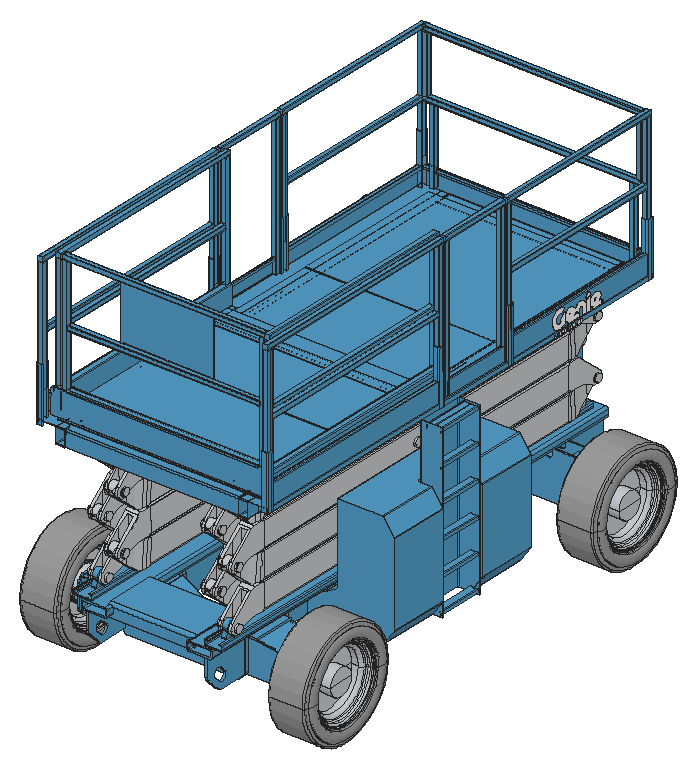
Revit family "Genie_Site_ScissorLift_GS4390_000", category Site, Revit 2017
Family settings
  Round Connector Dimension = Use Diameter
  Part Type = Normal
  OmniClass Number = 23.50.85.17.11
  OmniClass Title = Electric and Battery Telescoping Platforms
  Work Plane-Based = No
  Always vertical = Yes
  Cut with Voids When Loaded = No
  Shared = No
Parameters (values of type "GS-4390")
  _DistributedBy = "www.bimstore.co.uk"
  _CurrentRevision = 1
  _CreatedBy = "www.bimstore.co.uk"
  _BimSpecGuid = 0
  _BSBibleVersion = 15
  _AuthorizedBy = "Ryan Lashley"
  _Author = "Ryan Lashley"
  WorkingHeightClearanceZone [instance] = no
  WarrantyStartDate [instance] = "Please Record On Commissioning."
  WarrantyGuarantorParts = "http://www.genielift.co.uk/en/about-us/contact-and-feedback/index.htm"
  WarrantyGuarantorLabor = "http://www.genielift.co.uk/en/about-us/contact-and-feedback/index.htm"
  WarrantyDurationUnit = "Years"
  WarrantyDurationParts = "0"
  WarrantyDurationLabor = "0"
  WarrantyDescription = "n/a"
  URL = "http://www.genielift.co.uk/en/"
  TypeName = "Genie - Scissor Lift"
  Type Comments = "GS-4390"
  SpareParts = "n/a"
  Size = "2360mm x 2930mm x 3940mm"
  Shape = "n/a"
  SerialNumber [instance] = "Please Record On Commissioning."
  SecondaryMaterial = Steel, Paint Finish, Grey, Genie
  ScissorHeight [instance] = 871 mm
  ReplacementCost = "0"
  ReferencedStandard = "n/a"
  ProductionYear = "2018"
  PrimaryMaterial = Steel, Paint Finish, Blue, Genie
  PlatformExtensionMin [instance] = 0 mm  # constant formula
  PlatformExtensionMax [instance] = 1520 mm  # constant formula
  ScissorHeightCalc [instance] = if(ScissorHeight > ScissorHeightMax, ScissorHeightMax, if(ScissorHeight < ScissorHeighttMin, ScissorHeighttMin, ScissorHeight))  # 871 mm
  PlatformExtension [instance] = 0 mm
  NominalLength = 3940 mm
  NominalHeight = 2930 mm
  NominalDepth = 2360 mm
  NBSReference = "90-80-65/350"
  NBSOfficeMasterTag = "n/a"
  NBSObjectName = "Genie - Vertical lifting platforms"
  NBSNote = ""
  NBSDescription = "Vertical lifting platforms"
  ModelReference = "Genie - Scissor Lift"
  ModelNumber = "GS-4390"
  Model = "Genie - Scissor Lift"
  Material = "Painted Steel"
  ManufacturerName = "Genie"
  Manufacturer = "Genie"
  Keynote = "X"
  InstallationDate [instance] = "Please Record On Commissioning."
  IfcExportType = "IfcTransportElementType"
  IfcExportAs = "IfcTransportElement"
  HeightFromFloorToBasketTop [instance] = 2930 mm
  Grade = "n/a"
  Finish = "Painted Steel"
  Features = "Front active oscillating axle keeps all four wheels on the ground during operation. Proportional lift and drive. 800-lb (363 kg) capacity. Foam-filled, rough-terrain tires."
  ExtensionBasketClearanceZone [instance] = no
  ExpectedLife = 0
  ScissorHeighttMin [instance] = 871 mm  # constant formula
  ScissorHeightMax [instance] = 11355 mm  # constant formula
  PlatformExtensionCalc [instance] = if(PlatformExtension > PlatformExtensionMax, PlatformExtensionMax, if(PlatformExtension < PlatformExtensionMin, PlatformExtensionMin, PlatformExtension))  # 0 mm
  ErrorMessage [instance] = if(PlatformExtension > PlatformExtensionMax, "Please see 'PlatformExtensionMax' for maximum value.", if(PlatformExtension < PlatformExtensionMin, "Please see 'PlatformExtensionMin' for minimum value.", if(ScissorHeight > ScissorHeightMax, "Please see 'ScissorHeightMax' for maximum value.", if(ScissorHeight < ScissorHeighttMin, "Please see 'ScissorHeightMin' for minimum value.", "No Error"))))  # "No Error"
  Error [instance] = or(PlatformExtension > PlatformExtensionMax, PlatformExtension < PlatformExtensionMin, ScissorHeight > ScissorHeightMax, ScissorHeight < ScissorHeighttMin)  # no
  DurationUnit = "Years"
  DocumentationTechnical = "https://www.genielift.com/docs/default-source/products/rough-terrain-scissor-lifts/en/gs-4390-rt/gs-3390-rt-gs-4390-rt-gs-5390-rt-product-specifications-2017.pdf?sfvrsn=9991077a_3"
  DocumentationMaintenance = "n/a"
  DocumentationLiterature = "https://www.genielift.com/docs/default-source/products/rough-terrain-scissor-lifts/en/scissor-lifts-family-brochure-2017.pdf?sfvrsn=d5ab71d_3"
  DocumentationInstallationGuide = "n/a"
  DocumentationCertificates = "n/a"
  Description = "The Genie® GS™-4390 RT rough terrain scissor lift features four-wheel drive and positive traction control — giving it up to 50% gradeability when driving on slopes. This tough, construction-oriented machine is built to tackle the most rigorous jobsite conditions."
  CreatedOn = "2018-11-01T09:00:00"
  CreatedBy = "http://www.genielift.co.uk/en/about-us/contact-and-feedback/index.htm"
  Cost = 0
  Constituents = "n/a"
  Color = "Grey & Blue"
  CodePerformance = "n/a"
  ClassificationValue = "Pr_65_80_47_95"
  ClassificationName = "Uniclass2015"
  BarCode [instance] = "Please Record On Commissioning."
  BIMObjectName = "Genie_Site_ScissorLift_GS4390"
  AssetType = "Fixed"
  AssetIdentifier [instance] = "Please Record On Commissioning."
  Assembly Code = "E1030900"
  AccessibilityPerformance = "n/a"
Reference planes
  plane 1 "Center (Front/Back)": y = 0
  plane 2: z = 0
  plane 3 "Center (Left/Right)": x = 0
  plane 4: x = -299
  plane 5: x = 299
  plane 6: y = -1811
  plane 7: y = -1806
  plane 8: z = 798
  plane 9: z = 1669
  plane 10: y = -1306.346
  plane 11: z = 1755
  plane 12: z = 2930
  plane 13: y = 320
  plane 14: y = 320
Forms (mm)
  Extrusion 1, solid, material "ClearanceZone", visible <- "ExtensionBasketClearanceZone"
    sketch origin (0, 0, 0) x (1, 0, 0) y (0, 1, 0)
      loop
        line (-864.624, -1806) -> (-864.624, -1811) -> (864.624, -1811) -> (864.624, -1806) -> (-864.624, -1806)
    from 0 to 1755
Dimensions and locks
  locked: plane 11 to plane 9 at 86
  locked: plane 11 to plane 12 at 1175
  locked: plane 14 to plane 1 "Center (Front/Back)" at 320
  "PlatformExtensionCalc": plane 14 to plane 13
  locked: plane 14 to plane 7 at 2126
  locked: plane 13 to plane 6 at 2131
  "ScissorHeightCalc": plane 9 to plane 8
  "HeightFromFloorToBasketTop": plane 12 to level
  locked: plane 8 to level at 798
  aligned and locked: level to plane 2
  aligned and locked: plane 3 "Center (Left/Right)" to nested 1
  aligned and locked: plane 3 "Center (Left/Right)" to nested 3
  aligned and locked: Extrusion 1 sketch curve to plane 7
  aligned and locked: Extrusion 1 sketch curve to plane 6
  aligned and locked: Extrusion 1 to level
  aligned and locked: plane 11 to Extrusion 1
  aligned and locked: level to Extrusion 1
  aligned and locked: plane 11 to nested 3
  aligned and locked: level to nested 1
  aligned and locked: plane 1 "Center (Front/Back)" to nested 1
  aligned and locked: plane 1 "Center (Front/Back)" to nested 4
  aligned and locked: plane 13 to nested 2
  aligned and locked: plane 13 to nested 3
  aligned and locked: plane 3 "Center (Left/Right)" to nested 2
  aligned and locked: plane 3 "Center (Left/Right)" to nested 4
  aligned and locked: nested 5 to plane 3 "Center (Left/Right)"
  aligned and locked: nested 5 to plane 1 "Center (Front/Back)"
Automatic sketch dimensions
  Extrusion 1 sketch curve to plane 4 = 565.624 mm
  Extrusion 1 sketch curve to plane 5 = 565.624 mm
Nested families
  nested 1: "Base" at (0, 0, 0), type "Base"
  nested 2: "OuterBasket" at (0, 320, 1669), type "OuterBasket"
  nested 3: "Error Mark" at (0, 320, 1755), visible <- "Error", type "Error Mark"
  nested 4: "Basket" at (0, 0, 1669), type "Basket"
  nested 5: "Scissor" at (0, 0, 798) x (-1, 0, 0) z (0, 0, 1), type "Scissor"
    with A 3553.334 mm, Height 871 mm, B 217.75 mm
Definition of nested family "Base"
  Parameters (values of type "Base")
    Tire = none
    Grey = none
    Blue = none
  Reference planes
    plane 1 "Center (Front/Back)": y = 0
    plane 2: z = 0
    plane 3 "Center (Left/Right)": x = 0
    plane 4: z = 850
    plane 5: y = 1461.302
    plane 6: y = 1886.302
    plane 7: y = 1036.302
    plane 8: y = -1390.928
    plane 9: y = -965.928
    plane 10: y = -1815.928
    plane 11: z = 425
    plane 12: y = 35.187
  Forms (mm)
    Revolve 1, solid, material <- "Tire"
      sketch origin (0, 2358.67, 425) x (0, 1, 0) y (-1, 0, 0)
        loop
          line (-512.601, 1130.021) -> (-514.41, 1136.772)
          arc (-514.41, 1136.772) -> (-553.199, 1147.39) -> (-592.677, 1139.718) r 88.358
          arc (-592.677, 1139.718) -> (-594.226, 1131.253) -> (-602.702, 1129.764) r 7.533
          arc (-602.702, 1129.764) -> (-606.557, 1128.813) -> (-606.467, 1124.843) r 3.174
          arc (-606.467, 1124.843) -> (-603.899, 1115.859) -> (-608.878, 1107.951) r 11.454
          line (-608.878, 1107.951) -> (-608.878, 856.764)
          arc (-608.878, 856.764) -> (-603.899, 848.857) -> (-606.467, 839.873) r 11.454
          arc (-606.467, 839.873) -> (-606.557, 835.903) -> (-602.702, 834.952) r 3.174
          arc (-602.702, 834.952) -> (-594.226, 833.463) -> (-592.677, 824.998) r 7.533
          arc (-592.677, 824.998) -> (-553.199, 817.325) -> (-514.41, 827.944) r 88.358
          line (-514.41, 827.944) -> (-512.601, 834.695) -> (-487.034, 839.203)
          arc (-487.034, 839.203) -> (-479.901, 843.165) -> (-476.732, 850.685) r 12.5
          arc (-476.732, 850.685) -> (-472.369, 982.358) -> (-476.732, 1114.03) r 1988.777
          arc (-476.732, 1114.03) -> (-479.901, 1121.55) -> (-487.034, 1125.513) r 12.5
          line (-487.034, 1125.513) -> (-512.601, 1130.021)
        loop
          line (-512.601, -1130.021) -> (-487.034, -1125.513)
          arc (-487.034, -1125.513) -> (-479.901, -1121.55) -> (-476.732, -1114.03) r 12.5
          arc (-476.732, -1114.03) -> (-472.369, -982.358) -> (-476.732, -850.685) r 1988.777
          arc (-476.732, -850.685) -> (-479.901, -843.165) -> (-487.034, -839.203) r 12.5
          line (-487.034, -839.203) -> (-512.601, -834.695) -> (-514.41, -827.944)
          arc (-514.41, -827.944) -> (-553.199, -817.325) -> (-592.677, -824.998) r 88.358
          arc (-592.677, -824.998) -> (-594.226, -833.463) -> (-602.702, -834.952) r 7.533
          arc (-602.702, -834.952) -> (-606.557, -835.903) -> (-606.467, -839.873) r 3.174
          arc (-606.467, -839.873) -> (-603.899, -848.857) -> (-608.878, -856.764) r 11.454
          line (-608.878, -856.764) -> (-608.878, -1107.951)
          arc (-608.878, -1107.951) -> (-603.899, -1115.859) -> (-606.467, -1124.843) r 11.454
          arc (-606.467, -1124.843) -> (-606.557, -1128.813) -> (-602.702, -1129.764) r 3.174
          arc (-602.702, -1129.764) -> (-594.226, -1131.253) -> (-592.677, -1139.718) r 7.533
          arc (-592.677, -1139.718) -> (-553.199, -1147.39) -> (-514.41, -1136.772) r 88.358
          line (-514.41, -1136.772) -> (-512.601, -1130.021)
        axis (-897.369, -1139.718) -> (-897.369, 1139.718)
      angle from 0 to 360
    Revolve 2, solid, material <- "Tire"
      sketch origin (0, 2358.67, 425) x (0, 1, 0) y (-1, 0, 0)
        loop
          line (-3364.831, 1130.021) -> (-3366.64, 1136.772)
          arc (-3366.64, 1136.772) -> (-3405.429, 1147.39) -> (-3444.906, 1139.718) r 88.358
          arc (-3444.906, 1139.718) -> (-3446.455, 1131.253) -> (-3454.931, 1129.764) r 7.533
          arc (-3454.931, 1129.764) -> (-3458.787, 1128.813) -> (-3458.697, 1124.843) r 3.174
          arc (-3458.697, 1124.843) -> (-3456.129, 1115.859) -> (-3461.107, 1107.951) r 11.454
          line (-3461.107, 1107.951) -> (-3461.107, 856.764)
          arc (-3461.107, 856.764) -> (-3456.129, 848.857) -> (-3458.697, 839.873) r 11.454
          arc (-3458.697, 839.873) -> (-3458.787, 835.903) -> (-3454.931, 834.952) r 3.174
          arc (-3454.931, 834.952) -> (-3446.455, 833.463) -> (-3444.906, 824.998) r 7.533
          arc (-3444.906, 824.998) -> (-3405.429, 817.325) -> (-3366.64, 827.944) r 88.358
          line (-3366.64, 827.944) -> (-3364.831, 834.695) -> (-3339.264, 839.203)
          arc (-3339.264, 839.203) -> (-3332.13, 843.165) -> (-3328.962, 850.685) r 12.5
          arc (-3328.962, 850.685) -> (-3324.598, 982.358) -> (-3328.962, 1114.03) r 1988.777
          arc (-3328.962, 1114.03) -> (-3332.13, 1121.55) -> (-3339.264, 1125.513) r 12.5
          line (-3339.264, 1125.513) -> (-3364.831, 1130.021)
        loop
          line (-3364.831, -1130.021) -> (-3339.264, -1125.513)
          arc (-3339.264, -1125.513) -> (-3332.13, -1121.55) -> (-3328.962, -1114.03) r 12.5
          arc (-3328.962, -1114.03) -> (-3324.598, -982.358) -> (-3328.962, -850.685) r 1988.777
          arc (-3328.962, -850.685) -> (-3332.13, -843.165) -> (-3339.264, -839.203) r 12.5
          line (-3339.264, -839.203) -> (-3364.831, -834.695) -> (-3366.64, -827.944)
          arc (-3366.64, -827.944) -> (-3405.429, -817.325) -> (-3444.906, -824.998) r 88.358
          arc (-3444.906, -824.998) -> (-3446.455, -833.463) -> (-3454.931, -834.952) r 7.533
          arc (-3454.931, -834.952) -> (-3458.787, -835.903) -> (-3458.697, -839.873) r 3.174
          arc (-3458.697, -839.873) -> (-3456.129, -848.857) -> (-3461.107, -856.764) r 11.454
          line (-3461.107, -856.764) -> (-3461.107, -1107.951)
          arc (-3461.107, -1107.951) -> (-3456.129, -1115.859) -> (-3458.697, -1124.843) r 11.454
          arc (-3458.697, -1124.843) -> (-3458.787, -1128.813) -> (-3454.931, -1129.764) r 3.174
          arc (-3454.931, -1129.764) -> (-3446.455, -1131.253) -> (-3444.906, -1139.718) r 7.533
          arc (-3444.906, -1139.718) -> (-3405.429, -1147.39) -> (-3366.64, -1136.772) r 88.358
          line (-3366.64, -1136.772) -> (-3364.831, -1130.021)
        axis (-3749.598, -1139.718) -> (-3749.598, 1139.718)
      angle from 0 to 360
    Revolve 3, solid, material <- "Grey"
      sketch origin (0, 2358.67, 425) x (0, 1, 0) y (-1, 0, 0)
        loop
          line (-796.734, 1083.317) -> (-897.369, 1083.31) -> (-897.369, 751.996) -> (-813.718, 752.002) -> (-813.718, 887.355) -> (-790.949, 887.356) -> (-771.03, 942.084)
          arc (-771.03, 942.084) -> (-768.834, 944.947) -> (-765.392, 946.032) r 6
          line (-765.392, 946.032) -> (-761.658, 946.032)
          arc (-761.658, 946.032) -> (-759.593, 946.856) -> (-758.662, 948.875) r 3
          line (-758.662, 948.875) -> (-757.414, 972.702) -> (-671.658, 972.708) -> (-671.658, 924.577)
          arc (-671.658, 924.577) -> (-665.458, 906.314) -> (-649.422, 895.599) r 30
          line (-649.422, 895.599) -> (-641.164, 893.387)
          arc (-641.164, 893.387) -> (-635.494, 889.98) -> (-632.49, 884.085) r 12
          line (-632.49, 884.085) -> (-628.63, 864.224)
          arc (-628.63, 864.224) -> (-624.484, 857.254) -> (-616.851, 854.514) r 12
          line (-616.851, 854.514) -> (-615.024, 854.514)
          arc (-615.024, 854.514) -> (-611.708, 853.699) -> (-609.148, 851.44) r 7.156
          arc (-609.148, 851.44) -> (-608.431, 849.024) -> (-609.293, 846.656) r 4.02
          arc (-609.293, 846.656) -> (-609.004, 844.199) -> (-606.546, 844.488) r 1.75
          arc (-606.546, 844.488) -> (-604.933, 848.918) -> (-606.273, 853.437) r 7.52
          arc (-606.273, 853.437) -> (-610.086, 856.8) -> (-615.024, 858.014) r 10.656
          line (-615.024, 858.014) -> (-616.851, 858.014)
          arc (-616.851, 858.014) -> (-622.257, 859.955) -> (-625.194, 864.892) r 8.5
          line (-625.194, 864.892) -> (-629.055, 884.753)
          arc (-629.055, 884.753) -> (-632.934, 892.367) -> (-640.258, 896.767) r 15.5
          line (-640.258, 896.767) -> (-648.516, 898.98)
          arc (-648.516, 898.98) -> (-662.681, 908.445) -> (-668.158, 924.577) r 26.5
          line (-668.158, 924.577) -> (-668.158, 1040.139)
          arc (-668.158, 1040.139) -> (-662.681, 1056.271) -> (-648.516, 1065.736) r 26.5
          line (-648.516, 1065.736) -> (-640.258, 1067.948)
          arc (-640.258, 1067.948) -> (-632.934, 1072.349) -> (-629.055, 1079.963) r 15.5
          line (-629.055, 1079.963) -> (-625.194, 1099.824)
          arc (-625.194, 1099.824) -> (-622.257, 1104.761) -> (-616.851, 1106.702) r 8.5
          line (-616.851, 1106.702) -> (-615.024, 1106.702)
          arc (-615.024, 1106.702) -> (-610.086, 1107.915) -> (-606.273, 1111.279) r 10.656
          arc (-606.273, 1111.279) -> (-604.933, 1115.798) -> (-606.546, 1120.228) r 7.52
          arc (-606.546, 1120.228) -> (-609.004, 1120.517) -> (-609.293, 1118.059) r 1.75
          arc (-609.293, 1118.059) -> (-608.431, 1115.691) -> (-609.148, 1113.275) r 4.02
          arc (-609.148, 1113.275) -> (-611.708, 1111.017) -> (-615.024, 1110.202) r 7.156
          line (-615.024, 1110.202) -> (-616.851, 1110.202)
          arc (-616.851, 1110.202) -> (-624.484, 1107.461) -> (-628.63, 1100.492) r 12
          line (-628.63, 1100.492) -> (-632.49, 1080.63)
          arc (-632.49, 1080.63) -> (-635.494, 1074.736) -> (-641.164, 1071.329) r 12
          line (-641.164, 1071.329) -> (-649.422, 1069.116)
          arc (-649.422, 1069.116) -> (-665.458, 1058.401) -> (-671.658, 1040.139) r 30
          line (-671.658, 1040.139) -> (-671.658, 982.233) -> (-796.734, 982.225) -> (-796.734, 1083.317)
        loop
          line (-796.734, -1083.317) -> (-796.734, -982.225) -> (-671.658, -982.233) -> (-671.658, -1040.139)
          arc (-671.658, -1040.139) -> (-665.458, -1058.401) -> (-649.422, -1069.116) r 30
          line (-649.422, -1069.116) -> (-641.164, -1071.329)
          arc (-641.164, -1071.329) -> (-635.494, -1074.736) -> (-632.49, -1080.63) r 12
          line (-632.49, -1080.63) -> (-628.63, -1100.492)
          arc (-628.63, -1100.492) -> (-624.484, -1107.461) -> (-616.851, -1110.202) r 12
          line (-616.851, -1110.202) -> (-615.024, -1110.202)
          arc (-615.024, -1110.202) -> (-611.708, -1111.017) -> (-609.148, -1113.275) r 7.156
          arc (-609.148, -1113.275) -> (-608.431, -1115.691) -> (-609.293, -1118.059) r 4.02
          arc (-609.293, -1118.059) -> (-609.004, -1120.517) -> (-606.546, -1120.228) r 1.75
          arc (-606.546, -1120.228) -> (-604.933, -1115.798) -> (-606.273, -1111.279) r 7.52
          arc (-606.273, -1111.279) -> (-610.086, -1107.915) -> (-615.024, -1106.702) r 10.656
          line (-615.024, -1106.702) -> (-616.851, -1106.702)
          arc (-616.851, -1106.702) -> (-622.257, -1104.761) -> (-625.194, -1099.824) r 8.5
          line (-625.194, -1099.824) -> (-629.055, -1079.963)
          arc (-629.055, -1079.963) -> (-632.934, -1072.349) -> (-640.258, -1067.948) r 15.5
          line (-640.258, -1067.948) -> (-648.516, -1065.736)
          arc (-648.516, -1065.736) -> (-662.681, -1056.271) -> (-668.158, -1040.139) r 26.5
          line (-668.158, -1040.139) -> (-668.158, -924.577)
          arc (-668.158, -924.577) -> (-662.681, -908.445) -> (-648.516, -898.98) r 26.5
          line (-648.516, -898.98) -> (-640.258, -896.767)
          arc (-640.258, -896.767) -> (-632.934, -892.367) -> (-629.055, -884.753) r 15.5
          line (-629.055, -884.753) -> (-625.194, -864.892)
          arc (-625.194, -864.892) -> (-622.257, -859.955) -> (-616.851, -858.014) r 8.5
          line (-616.851, -858.014) -> (-615.024, -858.014)
          arc (-615.024, -858.014) -> (-610.086, -856.8) -> (-606.273, -853.437) r 10.656
          arc (-606.273, -853.437) -> (-604.933, -848.918) -> (-606.546, -844.488) r 7.52
          arc (-606.546, -844.488) -> (-609.004, -844.199) -> (-609.293, -846.656) r 1.75
          arc (-609.293, -846.656) -> (-608.431, -849.024) -> (-609.148, -851.44) r 4.02
          arc (-609.148, -851.44) -> (-611.708, -853.699) -> (-615.024, -854.514) r 7.156
          line (-615.024, -854.514) -> (-616.851, -854.514)
          arc (-616.851, -854.514) -> (-624.484, -857.254) -> (-628.63, -864.224) r 12
          line (-628.63, -864.224) -> (-632.49, -884.085)
          arc (-632.49, -884.085) -> (-635.494, -889.98) -> (-641.164, -893.387) r 12
          line (-641.164, -893.387) -> (-649.422, -895.599)
          arc (-649.422, -895.599) -> (-665.458, -906.314) -> (-671.658, -924.577) r 30
          line (-671.658, -924.577) -> (-671.658, -972.708) -> (-757.414, -972.702) -> (-758.662, -948.875)
          arc (-758.662, -948.875) -> (-759.593, -946.856) -> (-761.658, -946.032) r 3
          line (-761.658, -946.032) -> (-765.392, -946.032)
          arc (-765.392, -946.032) -> (-768.834, -944.947) -> (-771.03, -942.084) r 6
          line (-771.03, -942.084) -> (-790.949, -887.356) -> (-813.718, -887.355) -> (-813.718, -752.002) -> (-897.369, -751.996) -> (-897.369, -1083.31) -> (-796.734, -1083.317)
        axis (-897.369, -1120.228) -> (-897.369, 1120.228)
      angle from 0 to 360
    Revolve 4, solid, material <- "Grey"
      sketch origin (0, 2358.67, 425) x (0, 1, 0) y (-1, 0, 0)
        loop
          line (-3850.233, 1083.317) -> (-3850.233, 982.225) -> (-3975.309, 982.233) -> (-3975.309, 1040.139)
          arc (-3975.309, 1040.139) -> (-3981.509, 1058.401) -> (-3997.545, 1069.116) r 30
          line (-3997.545, 1069.116) -> (-4005.803, 1071.329)
          arc (-4005.803, 1071.329) -> (-4011.473, 1074.736) -> (-4014.476, 1080.63) r 12
          line (-4014.476, 1080.63) -> (-4018.337, 1100.492)
          arc (-4018.337, 1100.492) -> (-4022.483, 1107.461) -> (-4030.116, 1110.202) r 12
          line (-4030.116, 1110.202) -> (-4031.943, 1110.202)
          arc (-4031.943, 1110.202) -> (-4035.258, 1111.017) -> (-4037.819, 1113.275) r 7.156
          arc (-4037.819, 1113.275) -> (-4038.536, 1115.691) -> (-4037.673, 1118.059) r 4.02
          arc (-4037.673, 1118.059) -> (-4037.963, 1120.517) -> (-4040.421, 1120.228) r 1.75
          arc (-4040.421, 1120.228) -> (-4042.034, 1115.798) -> (-4040.694, 1111.279) r 7.52
          arc (-4040.694, 1111.279) -> (-4036.88, 1107.915) -> (-4031.943, 1106.702) r 10.656
          line (-4031.943, 1106.702) -> (-4030.116, 1106.702)
          arc (-4030.116, 1106.702) -> (-4024.71, 1104.761) -> (-4021.773, 1099.824) r 8.5
          line (-4021.773, 1099.824) -> (-4017.912, 1079.963)
          arc (-4017.912, 1079.963) -> (-4014.033, 1072.349) -> (-4006.708, 1067.948) r 15.5
          line (-4006.708, 1067.948) -> (-3998.45, 1065.736)
          arc (-3998.45, 1065.736) -> (-3984.285, 1056.271) -> (-3978.809, 1040.139) r 26.5
          line (-3978.809, 1040.139) -> (-3978.809, 924.577)
          arc (-3978.809, 924.577) -> (-3984.285, 908.445) -> (-3998.45, 898.98) r 26.5
          line (-3998.45, 898.98) -> (-4006.708, 896.767)
          arc (-4006.708, 896.767) -> (-4014.033, 892.367) -> (-4017.912, 884.753) r 15.5
          line (-4017.912, 884.753) -> (-4021.773, 864.892)
          arc (-4021.773, 864.892) -> (-4024.71, 859.955) -> (-4030.116, 858.014) r 8.5
          line (-4030.116, 858.014) -> (-4031.943, 858.014)
          arc (-4031.943, 858.014) -> (-4036.88, 856.8) -> (-4040.694, 853.437) r 10.656
          arc (-4040.694, 853.437) -> (-4042.034, 848.918) -> (-4040.421, 844.488) r 7.52
          arc (-4040.421, 844.488) -> (-4037.963, 844.199) -> (-4037.673, 846.656) r 1.75
          arc (-4037.673, 846.656) -> (-4038.536, 849.024) -> (-4037.819, 851.44) r 4.02
          arc (-4037.819, 851.44) -> (-4035.258, 853.699) -> (-4031.943, 854.514) r 7.156
          line (-4031.943, 854.514) -> (-4030.116, 854.514)
          arc (-4030.116, 854.514) -> (-4022.483, 857.254) -> (-4018.337, 864.224) r 12
          line (-4018.337, 864.224) -> (-4014.476, 884.085)
          arc (-4014.476, 884.085) -> (-4011.473, 889.98) -> (-4005.803, 893.387) r 12
          line (-4005.803, 893.387) -> (-3997.545, 895.599)
          arc (-3997.545, 895.599) -> (-3981.509, 906.314) -> (-3975.309, 924.577) r 30
          line (-3975.309, 924.577) -> (-3975.309, 972.708) -> (-3889.553, 972.702) -> (-3888.304, 948.875)
          arc (-3888.304, 948.875) -> (-3887.374, 946.856) -> (-3885.309, 946.032) r 3
          line (-3885.309, 946.032) -> (-3881.574, 946.032)
          arc (-3881.574, 946.032) -> (-3878.133, 944.947) -> (-3875.937, 942.084) r 6
          line (-3875.937, 942.084) -> (-3856.017, 887.356) -> (-3833.248, 887.355) -> (-3833.248, 752.002) -> (-3749.598, 751.996) -> (-3749.598, 1083.31) -> (-3850.233, 1083.317)
        loop
          line (-3850.233, -1083.317) -> (-3749.598, -1083.31) -> (-3749.598, -751.996) -> (-3833.248, -752.002) -> (-3833.248, -887.355) -> (-3856.017, -887.356) -> (-3875.937, -942.084)
          arc (-3875.937, -942.084) -> (-3878.133, -944.947) -> (-3881.574, -946.032) r 6
          line (-3881.574, -946.032) -> (-3885.309, -946.032)
          arc (-3885.309, -946.032) -> (-3887.374, -946.856) -> (-3888.304, -948.875) r 3
          line (-3888.304, -948.875) -> (-3889.553, -972.702) -> (-3975.309, -972.708) -> (-3975.309, -924.577)
          arc (-3975.309, -924.577) -> (-3981.509, -906.314) -> (-3997.545, -895.599) r 30
          line (-3997.545, -895.599) -> (-4005.803, -893.387)
          arc (-4005.803, -893.387) -> (-4011.473, -889.98) -> (-4014.476, -884.085) r 12
          line (-4014.476, -884.085) -> (-4018.337, -864.224)
          arc (-4018.337, -864.224) -> (-4022.483, -857.254) -> (-4030.116, -854.514) r 12
          line (-4030.116, -854.514) -> (-4031.943, -854.514)
          arc (-4031.943, -854.514) -> (-4035.258, -853.699) -> (-4037.819, -851.44) r 7.156
          arc (-4037.819, -851.44) -> (-4038.536, -849.024) -> (-4037.673, -846.656) r 4.02
          arc (-4037.673, -846.656) -> (-4037.963, -844.199) -> (-4040.421, -844.488) r 1.75
          arc (-4040.421, -844.488) -> (-4042.034, -848.918) -> (-4040.694, -853.437) r 7.52
          arc (-4040.694, -853.437) -> (-4036.88, -856.8) -> (-4031.943, -858.014) r 10.656
          line (-4031.943, -858.014) -> (-4030.116, -858.014)
          arc (-4030.116, -858.014) -> (-4024.71, -859.955) -> (-4021.773, -864.892) r 8.5
          line (-4021.773, -864.892) -> (-4017.912, -884.753)
          arc (-4017.912, -884.753) -> (-4014.033, -892.367) -> (-4006.708, -896.767) r 15.5
          line (-4006.708, -896.767) -> (-3998.45, -898.98)
          arc (-3998.45, -898.98) -> (-3984.285, -908.445) -> (-3978.809, -924.577) r 26.5
          line (-3978.809, -924.577) -> (-3978.809, -1040.139)
          arc (-3978.809, -1040.139) -> (-3984.285, -1056.271) -> (-3998.45, -1065.736) r 26.5
          line (-3998.45, -1065.736) -> (-4006.708, -1067.948)
          arc (-4006.708, -1067.948) -> (-4014.033, -1072.349) -> (-4017.912, -1079.963) r 15.5
          line (-4017.912, -1079.963) -> (-4021.773, -1099.824)
          arc (-4021.773, -1099.824) -> (-4024.71, -1104.761) -> (-4030.116, -1106.702) r 8.5
          line (-4030.116, -1106.702) -> (-4031.943, -1106.702)
          arc (-4031.943, -1106.702) -> (-4036.88, -1107.915) -> (-4040.694, -1111.279) r 10.656
          arc (-4040.694, -1111.279) -> (-4042.034, -1115.798) -> (-4040.421, -1120.228) r 7.52
          arc (-4040.421, -1120.228) -> (-4037.963, -1120.517) -> (-4037.673, -1118.059) r 1.75
          arc (-4037.673, -1118.059) -> (-4038.536, -1115.691) -> (-4037.819, -1113.275) r 4.02
          arc (-4037.819, -1113.275) -> (-4035.258, -1111.017) -> (-4031.943, -1110.202) r 7.156
          line (-4031.943, -1110.202) -> (-4030.116, -1110.202)
          arc (-4030.116, -1110.202) -> (-4022.483, -1107.461) -> (-4018.337, -1100.492) r 12
          line (-4018.337, -1100.492) -> (-4014.476, -1080.63)
          arc (-4014.476, -1080.63) -> (-4011.473, -1074.736) -> (-4005.803, -1071.329) r 12
          line (-4005.803, -1071.329) -> (-3997.545, -1069.116)
          arc (-3997.545, -1069.116) -> (-3981.509, -1058.401) -> (-3975.309, -1040.139) r 30
          line (-3975.309, -1040.139) -> (-3975.309, -982.233) -> (-3850.233, -982.225) -> (-3850.233, -1083.317)
        axis (-3749.598, -1120.228) -> (-3749.598, 1120.228)
      angle from 0 to 360
    Sweep 5, solid, material <- "Blue"
      path in 3D
        loop
          line (-333.375, 1955.776, 706.115) -> (-333.375, -1955.824, 706.115)
      profile origin (-333.375, -0.024, 706.115) x (1, 0, 0) y (0, 0, 1)
        loop
          line (0, 0) -> (-165.1, 0)
          arc (-165.1, 0) -> (-178.57, -5.58) -> (-184.15, -19.05) r 19.05
          line (-184.15, -19.05) -> (-184.15, -57.15)
          arc (-184.15, -57.15) -> (-178.57, -70.62) -> (-165.1, -76.2) r 19.05
          line (-165.1, -76.2) -> (0, -76.2)
          arc (0, -76.2) -> (13.47, -70.62) -> (19.05, -57.15) r 19.05
          line (19.05, -57.15) -> (19.05, -19.05)
          arc (19.05, -19.05) -> (13.47, -5.58) -> (0, 0) r 19.05
        loop
          arc (0, -66.675) -> (6.735, -63.885) -> (9.525, -57.15) r 9.525
          line (9.525, -57.15) -> (9.525, -19.05)
          arc (9.525, -19.05) -> (6.735, -12.315) -> (0, -9.525) r 9.525
          line (0, -9.525) -> (-165.1, -9.525)
          arc (-165.1, -9.525) -> (-171.835, -12.315) -> (-174.625, -19.05) r 9.525
          line (-174.625, -19.05) -> (-174.625, -57.15)
          arc (-174.625, -57.15) -> (-171.835, -63.885) -> (-165.1, -66.675) r 9.525
          line (-165.1, -66.675) -> (0, -66.675)
        loop
          line (666.75, -76.2) -> (831.85, -76.2)
          arc (831.85, -76.2) -> (845.32, -70.62) -> (850.9, -57.15) r 19.05
          line (850.9, -57.15) -> (850.9, -19.05)
          arc (850.9, -19.05) -> (845.32, -5.58) -> (831.85, 0) r 19.05
          line (831.85, 0) -> (666.75, 0)
          arc (666.75, 0) -> (653.28, -5.58) -> (647.7, -19.05) r 19.05
          line (647.7, -19.05) -> (647.7, -57.15)
          arc (647.7, -57.15) -> (653.28, -70.62) -> (666.75, -76.2) r 19.05
        loop
          arc (831.85, -66.675) -> (838.585, -63.885) -> (841.375, -57.15) r 9.525
          line (841.375, -57.15) -> (841.375, -19.05)
          arc (841.375, -19.05) -> (838.585, -12.315) -> (831.85, -9.525) r 9.525
          line (831.85, -9.525) -> (666.75, -9.525)
          arc (666.75, -9.525) -> (660.015, -12.315) -> (657.225, -19.05) r 9.525
          line (657.225, -19.05) -> (657.225, -57.15)
          arc (657.225, -57.15) -> (660.015, -63.885) -> (666.75, -66.675) r 9.525
          line (666.75, -66.675) -> (831.85, -66.675)
    Sweep 6, solid, material <- "Blue"
      path in 3D
        loop
          line (-426.364, 1885.926, 749.955) -> (-426.364, 533.376, 749.955)
      profile origin (-426.364, 1209.651, 749.955) x (0, 0, -1) y (1, 0, 0)
        loop
          line (0, 0) -> (0, -19.025)
          arc (0, -19.025) -> (2.797, -25.778) -> (9.55, -28.575) r 9.55
          line (9.55, -28.575) -> (34.29, -28.575)
          arc (34.29, -28.575) -> (41.043, -25.778) -> (43.84, -19.025) r 9.55
          line (43.84, -19.025) -> (43.84, 102.489)
          arc (43.84, 102.489) -> (41.043, 109.242) -> (34.29, 112.039) r 9.55
          line (34.29, 112.039) -> (9.55, 112.039)
          arc (9.55, 112.039) -> (2.797, 109.242) -> (0, 102.489) r 9.55
          line (0, 102.489) -> (0, 83.464) -> (4.775, 83.464) -> (4.775, 102.489)
          arc (4.775, 102.489) -> (6.174, 105.866) -> (9.55, 107.264) r 4.775
          line (9.55, 107.264) -> (34.29, 107.264)
          arc (34.29, 107.264) -> (37.667, 105.866) -> (39.065, 102.489) r 4.775
          line (39.065, 102.489) -> (39.065, -19.025)
          arc (39.065, -19.025) -> (37.667, -22.401) -> (34.29, -23.8) r 4.775
          line (34.29, -23.8) -> (9.55, -23.8)
          arc (9.55, -23.8) -> (6.174, -22.401) -> (4.775, -19.025) r 4.775
          line (4.775, -19.025) -> (4.775, 0) -> (0, 0)
        loop
          line (0, 852.729) -> (4.775, 852.729) -> (4.775, 871.753)
          arc (4.775, 871.753) -> (6.174, 875.13) -> (9.55, 876.529) r 4.775
          line (9.55, 876.529) -> (34.29, 876.529)
          arc (34.29, 876.529) -> (37.667, 875.13) -> (39.065, 871.753) r 4.775
          line (39.065, 871.753) -> (39.065, 750.24)
          arc (39.065, 750.24) -> (37.667, 746.863) -> (34.29, 745.465) r 4.775
          line (34.29, 745.465) -> (9.55, 745.465)
          arc (9.55, 745.465) -> (6.174, 746.863) -> (4.775, 750.24) r 4.775
          line (4.775, 750.24) -> (4.775, 769.264) -> (0, 769.264) -> (0, 750.24)
          arc (0, 750.24) -> (2.797, 743.487) -> (9.55, 740.689) r 9.55
          line (9.55, 740.689) -> (34.29, 740.689)
          arc (34.29, 740.689) -> (41.043, 743.487) -> (43.84, 750.24) r 9.55
          line (43.84, 750.24) -> (43.84, 871.753)
          arc (43.84, 871.753) -> (41.043, 878.507) -> (34.29, 881.304) r 9.55
          line (34.29, 881.304) -> (9.55, 881.304)
          arc (9.55, 881.304) -> (2.797, 878.507) -> (0, 871.753) r 9.55
          line (0, 871.753) -> (0, 852.729)
    Sweep 7, solid, material <- "Blue"
      path in 3D
        loop
          line (-454.177, -1943.124, 749.955) -> (-454.177, -590.574, 749.955)
      profile origin (-454.177, -1266.849, 749.955) x (-1, 0, 0) y (0, 0, 1)
        loop
          line (0, -43.84) -> (121.514, -43.84)
          arc (121.514, -43.84) -> (128.267, -41.043) -> (131.064, -34.29) r 9.55
          line (131.064, -34.29) -> (131.064, -9.55)
          arc (131.064, -9.55) -> (128.267, -2.797) -> (121.514, 0) r 9.55
          line (121.514, 0) -> (102.489, 0) -> (102.489, -4.775) -> (121.514, -4.775)
          arc (121.514, -4.775) -> (124.89, -6.174) -> (126.289, -9.55) r 4.775
          line (126.289, -9.55) -> (126.289, -34.29)
          arc (126.289, -34.29) -> (124.89, -37.667) -> (121.514, -39.065) r 4.775
          line (121.514, -39.065) -> (0, -39.065)
          arc (0, -39.065) -> (-3.377, -37.667) -> (-4.775, -34.29) r 4.775
          line (-4.775, -34.29) -> (-4.775, -9.55)
          arc (-4.775, -9.55) -> (-3.377, -6.174) -> (0, -4.775) r 4.775
          line (0, -4.775) -> (19.025, -4.775) -> (19.025, 0) -> (0, 0)
          arc (0, 0) -> (-6.753, -2.797) -> (-9.55, -9.55) r 9.55
          line (-9.55, -9.55) -> (-9.55, -34.29)
          arc (-9.55, -34.29) -> (-6.753, -41.043) -> (0, -43.84) r 9.55
        loop
          arc (-908.355, -43.84) -> (-901.602, -41.043) -> (-898.804, -34.29) r 9.55
          line (-898.804, -34.29) -> (-898.804, -9.55)
          arc (-898.804, -9.55) -> (-901.602, -2.797) -> (-908.355, 0) r 9.55
          line (-908.355, 0) -> (-927.379, 0) -> (-927.379, -4.775) -> (-908.355, -4.775)
          arc (-908.355, -4.775) -> (-904.978, -6.174) -> (-903.58, -9.55) r 4.775
          line (-903.58, -9.55) -> (-903.58, -34.29)
          arc (-903.58, -34.29) -> (-904.978, -37.667) -> (-908.355, -39.065) r 4.775
          line (-908.355, -39.065) -> (-1029.868, -39.065)
          arc (-1029.868, -39.065) -> (-1033.245, -37.667) -> (-1034.644, -34.29) r 4.775
          line (-1034.644, -34.29) -> (-1034.644, -9.55)
          arc (-1034.644, -9.55) -> (-1033.245, -6.174) -> (-1029.868, -4.775) r 4.775
          line (-1029.868, -4.775) -> (-1010.844, -4.775) -> (-1010.844, 0) -> (-1029.868, 0)
          arc (-1029.868, 0) -> (-1036.622, -2.797) -> (-1039.419, -9.55) r 9.55
          line (-1039.419, -9.55) -> (-1039.419, -34.29)
          arc (-1039.419, -34.29) -> (-1036.622, -41.043) -> (-1029.868, -43.84) r 9.55
          line (-1029.868, -43.84) -> (-908.355, -43.84)
    Sweep 8, solid, material <- "Blue"
      path in 3D
        loop
          line (1037.063, 18.594, 1462.278) -> (1037.063, -348.182, 1462.278)
      profile origin (1037.063, -164.794, 1462.278) x (0, 0, -1) y (1, 0, 0)
        loop
          line (-23.934, -53.983) -> (-23.934, -5.167)
          arc (-23.934, -5.167) -> (-23.202, -3.399) -> (-21.434, -2.667) r 2.5
          line (-21.434, -2.667) -> (0, -2.667) -> (0, 0) -> (-21.601, 0)
          arc (-21.601, 0) -> (-25.137, -1.464) -> (-26.601, -5) r 5
          line (-26.601, -5) -> (-26.601, -53.983) -> (-23.934, -53.983)
        loop
          line (236.797, -53.983) -> (236.797, -5.167)
          arc (236.797, -5.167) -> (237.529, -3.399) -> (239.297, -2.667) r 2.5
          line (239.297, -2.667) -> (260.731, -2.667) -> (260.731, 0) -> (239.13, 0)
          arc (239.13, 0) -> (235.594, -1.464) -> (234.13, -5) r 5
          line (234.13, -5) -> (234.13, -53.983) -> (236.797, -53.983)
        loop
          line (495.877, -53.983) -> (495.877, -5.167)
          arc (495.877, -5.167) -> (496.609, -3.399) -> (498.377, -2.667) r 2.5
          line (498.377, -2.667) -> (519.811, -2.667) -> (519.811, 0) -> (498.21, 0)
          arc (498.21, 0) -> (494.674, -1.464) -> (493.21, -5) r 5
          line (493.21, -5) -> (493.21, -53.983) -> (495.877, -53.983)
        loop
          line (-279.839, -53.983) -> (-279.839, -5.167)
          arc (-279.839, -5.167) -> (-279.107, -3.399) -> (-277.339, -2.667) r 2.5
          line (-277.339, -2.667) -> (-255.905, -2.667) -> (-255.905, 0) -> (-277.506, 0)
          arc (-277.506, 0) -> (-281.042, -1.464) -> (-282.506, -5) r 5
          line (-282.506, -5) -> (-282.506, -53.983) -> (-279.839, -53.983)
        loop
          line (-279.839, -56.192) -> (-282.506, -56.192) -> (-282.506, -105.175)
          arc (-282.506, -105.175) -> (-281.042, -108.711) -> (-277.506, -110.175) r 5
          line (-277.506, -110.175) -> (-255.905, -110.175) -> (-255.905, -107.508) -> (-277.339, -107.508)
          arc (-277.339, -107.508) -> (-279.107, -106.776) -> (-279.839, -105.008) r 2.5
          line (-279.839, -105.008) -> (-279.839, -56.192)
        loop
          line (754.957, -53.983) -> (754.957, -5.167)
          arc (754.957, -5.167) -> (755.689, -3.399) -> (757.457, -2.667) r 2.5
          line (757.457, -2.667) -> (778.891, -2.667) -> (778.891, 0) -> (757.29, 0)
          arc (757.29, 0) -> (753.754, -1.464) -> (752.29, -5) r 5
          line (752.29, -5) -> (752.29, -53.983) -> (754.957, -53.983)
        loop
          line (1014.037, -53.983) -> (1014.037, -5.167)
          arc (1014.037, -5.167) -> (1014.769, -3.399) -> (1016.537, -2.667) r 2.5
          line (1016.537, -2.667) -> (1037.971, -2.667) -> (1037.971, 0) -> (1016.37, 0)
          arc (1016.37, 0) -> (1012.834, -1.464) -> (1011.37, -5) r 5
          line (1011.37, -5) -> (1011.37, -53.983) -> (1014.037, -53.983)
        loop
          line (-23.934, -2020.143) -> (-26.601, -2020.143) -> (-26.601, -2069.126)
          arc (-26.601, -2069.126) -> (-25.137, -2072.662) -> (-21.601, -2074.126) r 5
          line (-21.601, -2074.126) -> (0, -2074.126) -> (0, -2071.459) -> (-21.434, -2071.459)
          arc (-21.434, -2071.459) -> (-23.202, -2070.727) -> (-23.934, -2068.959) r 2.5
          line (-23.934, -2068.959) -> (-23.934, -2020.143)
        loop
          line (236.797, -2020.143) -> (234.13, -2020.143) -> (234.13, -2069.126)
          arc (234.13, -2069.126) -> (235.594, -2072.662) -> (239.13, -2074.126) r 5
          line (239.13, -2074.126) -> (260.731, -2074.126) -> (260.731, -2071.459) -> (239.297, -2071.459)
          arc (239.297, -2071.459) -> (237.529, -2070.727) -> (236.797, -2068.959) r 2.5
          line (236.797, -2068.959) -> (236.797, -2020.143)
        loop
          line (495.877, -2020.143) -> (493.21, -2020.143) -> (493.21, -2069.126)
          arc (493.21, -2069.126) -> (494.674, -2072.662) -> (498.21, -2074.126) r 5
          line (498.21, -2074.126) -> (519.811, -2074.126) -> (519.811, -2071.459) -> (498.377, -2071.459)
          arc (498.377, -2071.459) -> (496.609, -2070.727) -> (495.877, -2068.959) r 2.5
          line (495.877, -2068.959) -> (495.877, -2020.143)
        loop
          line (-279.839, -2020.143) -> (-282.506, -2020.143) -> (-282.506, -2069.126)
          arc (-282.506, -2069.126) -> (-281.042, -2072.662) -> (-277.506, -2074.126) r 5
          line (-277.506, -2074.126) -> (-255.905, -2074.126) -> (-255.905, -2071.459) -> (-277.339, -2071.459)
          arc (-277.339, -2071.459) -> (-279.107, -2070.727) -> (-279.839, -2068.959) r 2.5
          line (-279.839, -2068.959) -> (-279.839, -2020.143)
        loop
          line (-279.839, -2017.934) -> (-279.839, -1969.118)
          arc (-279.839, -1969.118) -> (-279.107, -1967.35) -> (-277.339, -1966.618) r 2.5
          line (-277.339, -1966.618) -> (-255.905, -1966.618) -> (-255.905, -1963.951) -> (-277.506, -1963.951)
          arc (-277.506, -1963.951) -> (-281.042, -1965.416) -> (-282.506, -1968.951) r 5
          line (-282.506, -1968.951) -> (-282.506, -2017.934) -> (-279.839, -2017.934)
        loop
          line (754.957, -2020.143) -> (752.29, -2020.143) -> (752.29, -2069.126)
          arc (752.29, -2069.126) -> (753.754, -2072.662) -> (757.29, -2074.126) r 5
          line (757.29, -2074.126) -> (778.891, -2074.126) -> (778.891, -2071.459) -> (757.457, -2071.459)
          arc (757.457, -2071.459) -> (755.689, -2070.727) -> (754.957, -2068.959) r 2.5
          line (754.957, -2068.959) -> (754.957, -2020.143)
        loop
          line (1014.037, -2020.143) -> (1011.37, -2020.143) -> (1011.37, -2069.126)
          arc (1011.37, -2069.126) -> (1012.834, -2072.662) -> (1016.37, -2074.126) r 5
          line (1016.37, -2074.126) -> (1037.971, -2074.126) -> (1037.971, -2071.459) -> (1016.537, -2071.459)
          arc (1016.537, -2071.459) -> (1014.769, -2070.727) -> (1014.037, -2068.959) r 2.5
          line (1014.037, -2068.959) -> (1014.037, -2020.143)
    Sweep 9, solid, material <- "Blue"
      path in 3D
        loop
          line (1052.588, -350.849, 412.808) -> (1052.588, -350.849, 1759.008)
      profile origin (1052.588, -350.849, 1085.908) x (-1, 0, 0) y (0, -1, 0)
        loop
          line (0, -2.667) -> (166.802, -2.667)
          arc (166.802, -2.667) -> (173.537, -5.457) -> (176.327, -12.192) r 9.525
          line (176.327, -12.192) -> (176.327, -361.544)
          arc (176.327, -361.544) -> (173.537, -368.279) -> (166.802, -371.069) r 9.525
          line (166.802, -371.069) -> (0, -371.069) -> (0, -373.736) -> (166.802, -373.736)
          arc (166.802, -373.736) -> (175.423, -370.165) -> (178.994, -361.544) r 12.192
          line (178.994, -361.544) -> (178.994, -12.192)
          arc (178.994, -12.192) -> (175.423, -3.571) -> (166.802, 0) r 12.192
          line (166.802, 0) -> (0, 0) -> (0, -2.667)
        loop
          line (2105.175, -2.667) -> (2105.175, 0) -> (1938.373, 0)
          arc (1938.373, 0) -> (1929.752, -3.571) -> (1926.181, -12.192) r 12.192
          line (1926.181, -12.192) -> (1926.181, -361.544)
          arc (1926.181, -361.544) -> (1929.752, -370.165) -> (1938.373, -373.736) r 12.192
          line (1938.373, -373.736) -> (2105.175, -373.736) -> (2105.175, -371.069) -> (1938.373, -371.069)
          arc (1938.373, -371.069) -> (1931.638, -368.279) -> (1928.848, -361.544) r 9.525
          line (1928.848, -361.544) -> (1928.848, -12.192)
          arc (1928.848, -12.192) -> (1931.638, -5.457) -> (1938.373, -2.667) r 9.525
          line (1938.373, -2.667) -> (2105.175, -2.667)
    Sweep 10, solid, material <- "Blue"
      path in 3D
        loop
          line (-478.917, -1954.3, 492.207) -> (-459.867, -1954.3, 492.207)
      profile origin (-469.392, -1954.3, 492.207) x (0, 0, 1) y (0, -1, 0)
        loop
          arc (0, 0) -> (-19.44, -3.867) -> (-35.921, -14.879) r 50.8
          line (-35.921, -14.879) -> (-120.463, -99.421)
          arc (-120.463, -99.421) -> (-131.475, -115.902) -> (-135.342, -135.342) r 50.8
          line (-135.342, -135.342) -> (-135.342, -355.6) -> (137.708, -355.6) -> (137.708, 0) -> (0, 0)
        loop
          line (137.708, -3908.552) -> (137.708, -3552.952) -> (-135.342, -3552.952) -> (-135.342, -3773.21)
          arc (-135.342, -3773.21) -> (-131.475, -3792.65) -> (-120.463, -3809.131) r 50.8
          line (-120.463, -3809.131) -> (-35.921, -3893.673)
          arc (-35.921, -3893.673) -> (-19.44, -3904.685) -> (0, -3908.552) r 50.8
          line (0, -3908.552) -> (137.708, -3908.552)
        loop
          line (19.05, -3780.463) -> (-25.851, -3735.561)
          arc (-25.851, -3735.561) -> (-79.733, -3735.561) -> (-79.733, -3789.443) r 38.1
          line (-79.733, -3789.443) -> (-34.832, -3834.344)
          arc (-34.832, -3834.344) -> (19.05, -3834.344) -> (19.05, -3780.463) r 38.1
        loop
          line (-34.832, -74.208) -> (-79.733, -119.109)
          arc (-79.733, -119.109) -> (-79.733, -172.991) -> (-25.851, -172.991) r 38.1
          line (-25.851, -172.991) -> (19.05, -128.089)
          arc (19.05, -128.089) -> (19.05, -74.208) -> (-34.832, -74.208) r 38.1
    Sweep 11, solid, material <- "Blue"
      path in 3D
        loop
          line (478.917, -1954.3, 492.207) -> (459.867, -1954.3, 492.207)
      profile origin (469.392, -1954.3, 492.207) x (0, 0, -1) y (0, -1, 0)
        loop
          line (0, 0) -> (-137.708, 0) -> (-137.708, -355.6) -> (135.342, -355.6) -> (135.342, -135.342)
          arc (135.342, -135.342) -> (131.475, -115.902) -> (120.463, -99.421) r 50.8
          line (120.463, -99.421) -> (35.921, -14.879)
          arc (35.921, -14.879) -> (19.44, -3.867) -> (0, 0) r 50.8
        loop
          line (-137.708, -3908.552) -> (0, -3908.552)
          arc (0, -3908.552) -> (19.44, -3904.685) -> (35.921, -3893.673) r 50.8
          line (35.921, -3893.673) -> (120.463, -3809.131)
          arc (120.463, -3809.131) -> (131.475, -3792.65) -> (135.342, -3773.21) r 50.8
          line (135.342, -3773.21) -> (135.342, -3552.952) -> (-137.708, -3552.952) -> (-137.708, -3908.552)
        loop
          arc (-19.05, -3780.463) -> (-19.05, -3834.344) -> (34.832, -3834.344) r 38.1
          line (34.832, -3834.344) -> (79.733, -3789.443)
          arc (79.733, -3789.443) -> (79.733, -3735.561) -> (25.851, -3735.561) r 38.1
          line (25.851, -3735.561) -> (-19.05, -3780.463)
        loop
          arc (34.832, -74.208) -> (-19.05, -74.208) -> (-19.05, -128.089) r 38.1
          line (-19.05, -128.089) -> (25.851, -172.991)
          arc (25.851, -172.991) -> (79.733, -172.991) -> (79.733, -119.109) r 38.1
          line (79.733, -119.109) -> (34.832, -74.208)
    Sweep 12, solid, material <- "Blue"
      path in 3D
        loop
          line (-365.125, 1181.076, 407.665) -> (-355.6, 1181.076, 407.665)
      profile origin (-360.362, 1181.076, 407.665) x (0, 0, -1) y (0, 1, 0)
        loop
          line (-222.25, 0) -> (-222.25, -659.892) -> (-185.674, -659.892)
          arc (-185.674, -659.892) -> (-184.596, -660.338) -> (-184.15, -661.416) r 1.524
          line (-184.15, -661.416) -> (-184.15, -669.544)
          arc (-184.15, -669.544) -> (-184.596, -670.622) -> (-185.674, -671.068) r 1.524
          line (-185.674, -671.068) -> (-222.25, -671.068) -> (-222.25, -2012.442) -> (-185.674, -2012.442)
          arc (-185.674, -2012.442) -> (-184.596, -2012.888) -> (-184.15, -2013.966) r 1.524
          line (-184.15, -2013.966) -> (-184.15, -2022.094)
          arc (-184.15, -2022.094) -> (-184.596, -2023.172) -> (-185.674, -2023.618) r 1.524
          line (-185.674, -2023.618) -> (-222.25, -2023.618) -> (-222.25, -2362.2) -> (0, -2362.2) -> (0, -2023.618) -> (-23.876, -2023.618)
          arc (-23.876, -2023.618) -> (-24.954, -2023.172) -> (-25.4, -2022.094) r 1.524
          line (-25.4, -2022.094) -> (-25.4, -2013.966)
          arc (-25.4, -2013.966) -> (-24.954, -2012.888) -> (-23.876, -2012.442) r 1.524
          line (-23.876, -2012.442) -> (0, -2012.442) -> (0, -1790.7) -> (-7.112, -1790.7) -> (-7.112, -1686.56) -> (0, -1686.56) -> (0, -1502.029) -> (-7.112, -1502.029) -> (-7.112, -1397.889) -> (0, -1397.889) -> (0, -1212.977) -> (-7.112, -1212.977) -> (-7.112, -1108.837) -> (0, -1108.837) -> (0, -924.179) -> (-7.112, -924.179) -> (-7.112, -820.039) -> (0, -820.039) -> (0, -671.068) -> (-23.876, -671.068)
          arc (-23.876, -671.068) -> (-24.954, -670.622) -> (-25.4, -669.544) r 1.524
          line (-25.4, -669.544) -> (-25.4, -661.416)
          arc (-25.4, -661.416) -> (-24.954, -660.338) -> (-23.876, -659.892) r 1.524
          line (-23.876, -659.892) -> (0, -659.892) -> (0, -635) -> (-7.112, -635) -> (-7.112, -581.66) -> (0, -581.66) -> (0, 0) -> (-222.25, 0)
    Sweep 13, solid, material <- "Blue"
      path in 3D
        loop
          line (365.125, 1181.076, 407.665) -> (355.6, 1181.076, 407.665)
      profile origin (360.362, 1181.076, 407.665) x (0, 0, 1) y (0, 1, 0)
        loop
          line (222.25, 0) -> (0, 0) -> (0, -581.66) -> (7.112, -581.66) -> (7.112, -635) -> (0, -635) -> (0, -659.892) -> (23.876, -659.892)
          arc (23.876, -659.892) -> (24.954, -660.338) -> (25.4, -661.416) r 1.524
          line (25.4, -661.416) -> (25.4, -669.544)
          arc (25.4, -669.544) -> (24.954, -670.622) -> (23.876, -671.068) r 1.524
          line (23.876, -671.068) -> (0, -671.068) -> (0, -820.039) -> (7.112, -820.039) -> (7.112, -924.179) -> (0, -924.179) -> (0, -1108.837) -> (7.112, -1108.837) -> (7.112, -1212.977) -> (0, -1212.977) -> (0, -1397.889) -> (7.112, -1397.889) -> (7.112, -1502.029) -> (0, -1502.029) -> (0, -1686.56) -> (7.112, -1686.56) -> (7.112, -1790.7) -> (0, -1790.7) -> (0, -2012.442) -> (23.876, -2012.442)
          arc (23.876, -2012.442) -> (24.954, -2012.888) -> (25.4, -2013.966) r 1.524
          line (25.4, -2013.966) -> (25.4, -2022.094)
          arc (25.4, -2022.094) -> (24.954, -2023.172) -> (23.876, -2023.618) r 1.524
          line (23.876, -2023.618) -> (0, -2023.618) -> (0, -2362.2) -> (222.25, -2362.2) -> (222.25, -2023.618) -> (185.674, -2023.618)
          arc (185.674, -2023.618) -> (184.596, -2023.172) -> (184.15, -2022.094) r 1.524
          line (184.15, -2022.094) -> (184.15, -2013.966)
          arc (184.15, -2013.966) -> (184.596, -2012.888) -> (185.674, -2012.442) r 1.524
          line (185.674, -2012.442) -> (222.25, -2012.442) -> (222.25, -671.068) -> (185.674, -671.068)
          arc (185.674, -671.068) -> (184.596, -670.622) -> (184.15, -669.544) r 1.524
          line (184.15, -669.544) -> (184.15, -661.416)
          arc (184.15, -661.416) -> (184.596, -660.338) -> (185.674, -659.892) r 1.524
          line (185.674, -659.892) -> (222.25, -659.892) -> (222.25, 0)
    Sweep 14, solid, material <- "Blue"
      path in 3D
        loop
          line (-382.473, 511.075, 407.665) -> (-382.473, -832.179, 407.665)
      profile origin (-382.473, -160.552, 407.665) x (-1, 0, 0) y (0, 0, -1)
        loop
          line (680.949, -782.273) -> (680.949, -130.631)
          arc (680.949, -130.631) -> (680.37, -126.872) -> (678.688, -123.461) r 12.5
          line (678.688, -123.461) -> (595.972, -5.33)
          arc (595.972, -5.33) -> (591.505, -1.412) -> (585.733, 0) r 12.5
          line (585.733, 0) -> (2.95, 0)
          arc (2.95, 0) -> (-5.889, -3.661) -> (-9.55, -12.5) r 12.5
          line (-9.55, -12.5) -> (-9.55, -197.177)
          arc (-9.55, -197.177) -> (-5.889, -206.016) -> (2.95, -209.677) r 12.5
          line (2.95, -209.677) -> (120.612, -209.677)
          arc (120.612, -209.677) -> (123.896, -210.116) -> (126.949, -211.403) r 12.5
          line (126.949, -211.403) -> (220.812, -266.616)
          arc (220.812, -266.616) -> (225.325, -271.184) -> (226.974, -277.39) r 12.5
          line (226.974, -277.39) -> (226.974, -900.325)
          arc (226.974, -900.325) -> (230.636, -909.164) -> (239.474, -912.825) r 12.5
          line (239.474, -912.825) -> (585.788, -912.825)
          arc (585.788, -912.825) -> (591.56, -911.413) -> (596.027, -907.495) r 12.5
          line (596.027, -907.495) -> (678.688, -789.443)
          arc (678.688, -789.443) -> (680.37, -786.032) -> (680.949, -782.273) r 12.5
        loop
          arc (-1445.895, -782.273) -> (-1445.316, -786.032) -> (-1443.634, -789.443) r 12.5
          line (-1443.634, -789.443) -> (-1360.974, -907.495)
          arc (-1360.974, -907.495) -> (-1356.506, -911.413) -> (-1350.734, -912.825) r 12.5
          line (-1350.734, -912.825) -> (-1004.421, -912.825)
          arc (-1004.421, -912.825) -> (-995.582, -909.164) -> (-991.921, -900.325) r 12.5
          line (-991.921, -900.325) -> (-991.921, -277.39)
          arc (-991.921, -277.39) -> (-990.271, -271.184) -> (-985.759, -266.616) r 12.5
          line (-985.759, -266.616) -> (-891.896, -211.403)
          arc (-891.896, -211.403) -> (-888.842, -210.116) -> (-885.558, -209.677) r 12.5
          line (-885.558, -209.677) -> (-767.896, -209.677)
          arc (-767.896, -209.677) -> (-759.057, -206.016) -> (-755.396, -197.177) r 12.5
          line (-755.396, -197.177) -> (-755.396, -12.5)
          arc (-755.396, -12.5) -> (-759.057, -3.661) -> (-767.896, 0) r 12.5
          line (-767.896, 0) -> (-1350.679, 0)
          arc (-1350.679, 0) -> (-1356.451, -1.412) -> (-1360.919, -5.33) r 12.5
          line (-1360.919, -5.33) -> (-1443.634, -123.461)
          arc (-1443.634, -123.461) -> (-1445.316, -126.872) -> (-1445.895, -130.631) r 12.5
          line (-1445.895, -130.631) -> (-1445.895, -782.273)
    Sweep 15, void
      path in 3D
        loop
          line (1052.588, -350.849, 304.008) -> (1052.588, -350.849, 1399.008)
      profile origin (1052.588, -350.849, 851.508) x (-1, 0, 0) y (0, -1, 0)
        loop
          line (2151.181, 10) -> (1938.373, 10)
          arc (1938.373, 10) -> (1922.681, 3.5) -> (1916.181, -12.192) r 22.192
          line (1916.181, -12.192) -> (1916.181, -361.544)
          arc (1916.181, -361.544) -> (1922.681, -377.236) -> (1938.373, -383.736) r 22.192
          line (1938.373, -383.736) -> (2151.181, -383.736) -> (2151.181, 10)
        loop
          line (-46.006, 10) -> (-46.006, -383.736) -> (166.802, -383.736)
          arc (166.802, -383.736) -> (182.494, -377.236) -> (188.994, -361.544) r 22.192
          line (188.994, -361.544) -> (188.994, -12.192)
          arc (188.994, -12.192) -> (182.494, 3.5) -> (166.802, 10) r 22.192
          line (166.802, 10) -> (-46.006, 10)
    Sweep 16, solid, material <- "Blue"
      path in 3D
        loop
          line (658.337, 1538.454, 655.061) -> (658.337, 1551.154, 655.061)
      profile origin (658.337, 1544.804, 655.061) x (-1, 0, 0) y (0, 0, 1)
        loop
          line (112.364, 0) -> (0, 0)
          arc (0, 0) -> (-1.93, -0.073) -> (-3.85, -0.293) r 25.4
          line (-3.85, -0.293) -> (-228.622, -34.759)
          arc (-228.622, -34.759) -> (-230.542, -34.979) -> (-232.472, -35.052) r 25.4
          line (-232.472, -35.052) -> (-246.284, -35.052)
          arc (-246.284, -35.052) -> (-253.109, -37.879) -> (-255.936, -44.704) r 9.652
          line (-255.936, -44.704) -> (-255.936, -50.8)
          arc (-255.936, -50.8) -> (-253.109, -57.625) -> (-246.284, -60.452) r 9.652
          line (-246.284, -60.452) -> (-212.604, -60.452)
          arc (-212.604, -60.452) -> (-205.275, -61.163) -> (-198.221, -63.271) r 38.1
          line (-198.221, -63.271) -> (-3.301, -142.731)
          arc (-3.301, -142.731) -> (13.935, -156.756) -> (20.416, -178.012) r 38.1
          line (20.416, -178.012) -> (20.416, -276.166)
          arc (20.416, -276.166) -> (13.946, -297.407) -> (-3.267, -311.433) r 38.1
          line (-3.267, -311.433) -> (-198.206, -391.121)
          arc (-198.206, -391.121) -> (-205.277, -393.239) -> (-212.623, -393.954) r 38.1
          line (-212.623, -393.954) -> (-246.284, -393.954)
          arc (-246.284, -393.954) -> (-253.109, -396.781) -> (-255.936, -403.606) r 9.652
          line (-255.936, -403.606) -> (-255.936, -406.4)
          arc (-255.936, -406.4) -> (-253.109, -413.225) -> (-246.284, -416.052) r 9.652
          line (-246.284, -416.052) -> (14.997, -416.052)
          arc (14.997, -416.052) -> (23.029, -414.749) -> (30.237, -410.972) r 25.4
          line (30.237, -410.972) -> (67.491, -383.032)
          arc (67.491, -383.032) -> (74.698, -379.255) -> (82.731, -377.952) r 25.4
          line (82.731, -377.952) -> (1234.197, -377.952)
          arc (1234.197, -377.952) -> (1242.229, -379.255) -> (1249.437, -383.032) r 25.4
          line (1249.437, -383.032) -> (1286.691, -410.972)
          arc (1286.691, -410.972) -> (1293.898, -414.749) -> (1301.931, -416.052) r 25.4
          line (1301.931, -416.052) -> (1563.212, -416.052)
          arc (1563.212, -416.052) -> (1570.037, -413.225) -> (1572.864, -406.4) r 9.652
          line (1572.864, -406.4) -> (1572.864, -403.606)
          arc (1572.864, -403.606) -> (1570.037, -396.781) -> (1563.212, -393.954) r 9.652
          line (1563.212, -393.954) -> (1529.551, -393.954)
          arc (1529.551, -393.954) -> (1522.204, -393.239) -> (1515.134, -391.121) r 38.1
          line (1515.134, -391.121) -> (1320.195, -311.433)
          arc (1320.195, -311.433) -> (1302.982, -297.407) -> (1296.512, -276.166) r 38.1
          line (1296.512, -276.166) -> (1296.512, -178.012)
          arc (1296.512, -178.012) -> (1302.992, -156.756) -> (1320.229, -142.731) r 38.1
          line (1320.229, -142.731) -> (1515.149, -63.271)
          arc (1515.149, -63.271) -> (1522.203, -61.163) -> (1529.532, -60.452) r 38.1
          line (1529.532, -60.452) -> (1563.212, -60.452)
          arc (1563.212, -60.452) -> (1570.037, -57.625) -> (1572.864, -50.8) r 9.652
          line (1572.864, -50.8) -> (1572.864, -44.704)
          arc (1572.864, -44.704) -> (1570.037, -37.879) -> (1563.212, -35.052) r 9.652
          line (1563.212, -35.052) -> (1549.4, -35.052)
          arc (1549.4, -35.052) -> (1547.47, -34.979) -> (1545.55, -34.759) r 25.4
          line (1545.55, -34.759) -> (1320.778, -0.293)
          arc (1320.778, -0.293) -> (1318.858, -0.073) -> (1316.928, 0) r 25.4
          line (1316.928, 0) -> (1204.564, 0)
          arc (1204.564, 0) -> (1186.603, -7.439) -> (1179.164, -25.4) r 25.4
          line (1179.164, -25.4) -> (1179.164, -44.45)
          arc (1179.164, -44.45) -> (1171.724, -62.411) -> (1153.764, -69.85) r 25.4
          line (1153.764, -69.85) -> (998.062, -69.85)
          arc (998.062, -69.85) -> (980.101, -77.289) -> (972.662, -95.25) r 25.4
          line (972.662, -95.25) -> (972.662, -134.874)
          arc (972.662, -134.874) -> (965.222, -152.835) -> (947.262, -160.274) r 25.4
          line (947.262, -160.274) -> (850.688, -160.274)
          arc (850.688, -160.274) -> (848.968, -160.216) -> (847.256, -160.041) r 25.4
          line (847.256, -160.041) -> (710.972, -141.457)
          arc (710.972, -141.457) -> (709.26, -141.282) -> (707.54, -141.224) r 25.4
          line (707.54, -141.224) -> (609.388, -141.224)
          arc (609.388, -141.224) -> (607.668, -141.282) -> (605.956, -141.457) r 25.4
          line (605.956, -141.457) -> (469.672, -160.041)
          arc (469.672, -160.041) -> (467.96, -160.216) -> (466.24, -160.274) r 25.4
          line (466.24, -160.274) -> (369.666, -160.274)
          arc (369.666, -160.274) -> (351.705, -152.835) -> (344.266, -134.874) r 25.4
          line (344.266, -134.874) -> (344.266, -95.25)
          arc (344.266, -95.25) -> (336.826, -77.289) -> (318.866, -69.85) r 25.4
          line (318.866, -69.85) -> (163.164, -69.85)
          arc (163.164, -69.85) -> (145.203, -62.411) -> (137.764, -44.45) r 25.4
          line (137.764, -44.45) -> (137.764, -25.4)
          arc (137.764, -25.4) -> (130.324, -7.439) -> (112.364, 0) r 25.4
    Sweep 17, solid, material <- "Blue"
      path in 3D
        loop
          line (658.337, 1405.104, 655.061) -> (658.337, 1417.804, 655.061)
      profile origin (658.337, 1411.454, 655.061) x (-1, 0, 0) y (0, 0, 1)
        loop
          line (112.364, 0) -> (0, 0)
          arc (0, 0) -> (-1.93, -0.073) -> (-3.85, -0.293) r 25.4
          line (-3.85, -0.293) -> (-228.622, -34.759)
          arc (-228.622, -34.759) -> (-230.542, -34.979) -> (-232.472, -35.052) r 25.4
          line (-232.472, -35.052) -> (-246.284, -35.052)
          arc (-246.284, -35.052) -> (-253.109, -37.879) -> (-255.936, -44.704) r 9.652
          line (-255.936, -44.704) -> (-255.936, -50.8)
